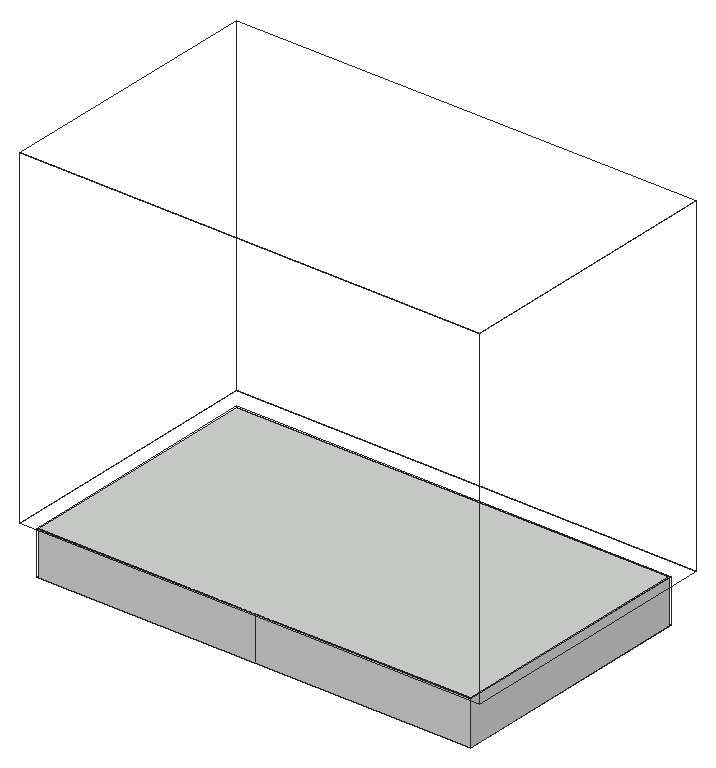
Revit family "CI905ZDTB5-AA-BI-SG-SEA", category Specialty Equipment, Revit 2020
Family settings
  Round Connector Dimension = Use Diameter
  Part Type = Normal
  Work Plane-Based = Yes
  Always vertical = No
  Cut with Voids When Loaded = Yes
  Shared = No
  Room Calculation Point = No
Parameters (values of type "CI905ZDTB5")
  URL = "www.fisherpaykel.com"
  Product - Width = 900 mm
  Product - Height = 90 mm
  Product - Depth = 530 mm
  Model = "CI905ZDTB5"
  Manufacturer = "Fisher & Paykel Appliances"
  Description = "90cm Series 7 Induction cooktop"
  Default Elevation = 0 mm
  Clearance - Overhead Rangehood = 650 mm
  Clearance - Below Cooktop = 86 mm
  Cavity - Width = 850 mm
  Cavity - Depth = 490 mm
Reference planes
  plane 1 "Center (Front/Back)": y = 0
  plane 2: z = 0
  plane 3 "Center (Left/Right)": x = 0
  plane 4 "Product - LHS": x = -450
  plane 5 "Product - RHS": x = 450
  plane 6 "Cavity - RHS": x = 425
  plane 7 "Cavity - LHS": x = -425
  plane 8 "Product - Depth": y = 530
  plane 9: y = 10
  plane 10: y = 500
  plane 11: y = -0.764
  plane 12: z = -86
  plane 13: z = 654
  plane 14: z = 4
Forms (mm)
  Extrusion 1, solid, not visible
    sketch origin (-149.236, 268.236, 0) x (0, 1, 0) y (1, 0, 0)
      loop
        line (-528.472, 298.472) -> (-528.472, 0) -> (0, 0) -> (0, 298.472) -> (-528.472, 298.472)
    from 0 to -4
  Extrusion 2, solid, not visible
    sketch origin (-149.236, 268.236, 4) x (0, 1, 0) y (-1, 0, 0)
      loop
        line (-86.236, -44.236) -> (-86.236, -229.236) -> (-46.236, -229.236) -> (-46.236, -44.236) -> (-86.236, -44.236)
      loop
        line (-60.236, -234.236) -> (-82.236, -234.236) -> (-82.236, -276.236) -> (-60.236, -276.236) -> (-60.236, -234.236)
    from 0 to -2.95
  Extrusion 3, solid, material "Fisher & Paykel - Clearance Required"
    sketch origin (0, 0, 0) x (1, 0, 0) y (0, 1, 0)
      loop
        line (-425, 500) -> (-425, 10) -> (425, 10) -> (425, 500) -> (-425, 500)
    from 0 to -86
  Extrusion 4, void
    sketch origin (0, 0, 0) x (1, 0, 0) y (0, 1, 0)
      loop
        line (-425, 500) -> (-425, 10) -> (425, 10) -> (425, 500) -> (-425, 500)
    from 0 to -86
  Extrusion 5, solid, material "Fisher & Paykel - Steel Galvanized"
    sketch origin (0, 0, 0) x (1, 0, 0) y (0, 1, 0)
      loop
        line (0, 11.875) -> (422.5, 11.875) -> (422.5, 496.875) -> (-422.5, 496.875) -> (-422.5, 11.875) -> (0, 11.875)
    from -86 to 0
  Extrusion 6, solid, material "Fisher & Paykel - Clearance Required"
    sketch origin (-449.236, 529.236, 4) x (0, -1, 0) y (1, 0, 0)
      loop
        line (-0.764, 899.236) -> (-0.764, -0.764) -> (529.236, -0.764) -> (529.236, 899.236) -> (-0.764, 899.236)
    from 0 to 650
Dimensions and locks
  "Product - Width": plane 4 "Product - LHS" to plane 5 "Product - RHS"
  equal spacing: plane 4 "Product - LHS", plane 3 "Center (Left/Right)", plane 5 "Product - RHS"
  "Cavity - Width": plane 7 "Cavity - LHS" to plane 6 "Cavity - RHS"
  "Product - Depth": plane 8 "Product - Depth" to plane 1 "Center (Front/Back)"
  equal spacing: plane 7 "Cavity - LHS", plane 3 "Center (Left/Right)", plane 6 "Cavity - RHS"
  "Cavity - Depth": plane 10 to plane 9
  "Clearance - Below Cooktop": plane 2 to plane 12
  "Product - Height": direct shape to plane 12
  "Clearance - Overhead Rangehood": plane 13 to plane 14
  aligned and locked: level to plane 2
  aligned and locked: Extrusion 3 sketch curve to plane 7 "Cavity - LHS"
  aligned and locked: Extrusion 3 sketch curve to plane 10
  aligned and locked: Extrusion 3 sketch curve to plane 6 "Cavity - RHS"
  aligned and locked: Extrusion 3 sketch curve to plane 9
  aligned and locked: Extrusion 4 to plane 12
  aligned and locked: Extrusion 3 to plane 12
  aligned and locked: Extrusion 5 to plane 12
  aligned and locked: level to Extrusion 5
  aligned and locked: Extrusion 6 sketch curve to plane 8 "Product - Depth"
  aligned and locked: Extrusion 6 sketch curve to plane 4 "Product - LHS"
  aligned and locked: Extrusion 6 sketch curve to plane 1 "Center (Front/Back)"
  aligned and locked: plane 13 to Extrusion 6
Automatic sketch dimensions
  Extrusion 2 sketch curve to Extrusion 1 = 86.236 mm
  Extrusion 2 sketch curve to Extrusion 2 sketch curve = 40 mm
  Extrusion 2 sketch curve to Extrusion 1 = 69.236 mm
  Extrusion 2 sketch curve to Extrusion 1 = 44.236 mm
  Extrusion 2 sketch curve to Extrusion 2 sketch curve = 4 mm
  Extrusion 2 sketch curve to Extrusion 2 sketch curve = 14 mm
  Extrusion 2 sketch curve to Extrusion 2 sketch curve = 5 mm
  Extrusion 2 sketch curve to Extrusion 1 = 22.236 mm
  Extrusion 1 sketch curve to Extrusion 1 sketch curve = 0 mm  (x3)
  Extrusion 1 sketch curve to Extrusion 1 sketch curve = 528.472 mm
  Extrusion 1 sketch curve to Extrusion 1 sketch curve = 298.472 mm  (x2)
  Extrusion 4 sketch curve to plane 9 = 0 mm
  Extrusion 4 sketch curve to plane 10 = 0 mm
  plane 4 "Product - LHS" to Extrusion 4 sketch curve = 25 mm
  plane 3 "Center (Left/Right)" to Extrusion 4 sketch curve = 425 mm
  plane 9 to Extrusion 5 sketch curve = 1.875 mm
  Extrusion 5 sketch curve to plane 3 "Center (Left/Right)" = 0 mm
  plane 7 "Cavity - LHS" to Extrusion 5 sketch curve = 2.5 mm
  Extrusion 5 sketch curve to plane 6 "Cavity - RHS" = 2.5 mm
  Extrusion 5 sketch curve to plane 10 = 3.125 mm
  direct shape to Extrusion 6 sketch curve = 0.764 mm
